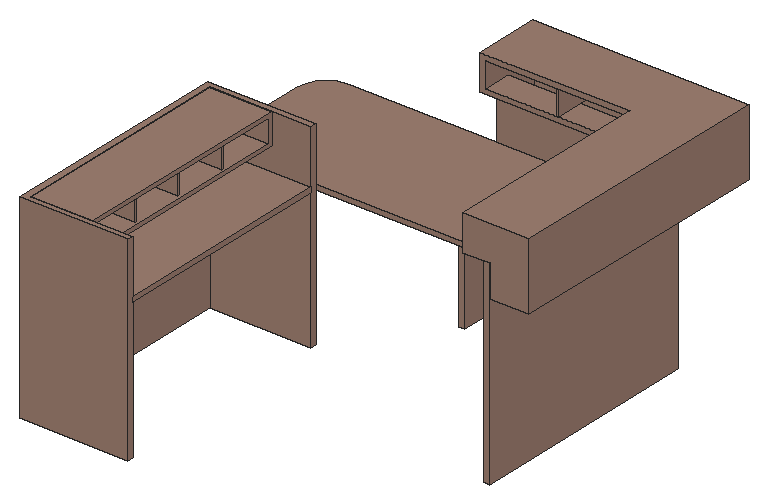
Revit family "T100130", category Furniture, Revit 2018
Family settings
  OmniClass Number = 23.40.20.00
  OmniClass Title = General Furniture and Specialties
  Work Plane-Based = No
  Always vertical = Yes
  Cut with Voids When Loaded = No
  Shared = No
  Room Calculation Point = No
Reference planes (in)
  plane 1 "Center Front/Back": y = 0
  plane 2: z = 0
  plane 3 "Center Left/Right": x = 0
Dimensions and locks (in)
  aligned and locked: level to plane 2
Nested families (in)
  nested 1: "OFS ELEMENT OPEN L DESK TRANSACTION BOX 72in Width 48in Return" at (0, 18, 0), type "ELEMENT OPEN L DESK LEFT WITH TRANSACTION BOX 72in Width 48in Return"
    with Right Desk Overlay Option no, Left Desk Overlay Option yes, Desk Overlay Option yes
Definition of nested family "OFS ELEMENT OPEN L DESK TRANSACTION BOX 72in Width 48in Return"
  Parameters (values of type "ELEMENT OPEN L DESK RIGHT WITH TRANSACTION BOX 72in Width 48in Return")
    Worksurface Material = none
    Worksurface Height = 2' - 5 1/2"
    Width = 6' - 0"
    URL = "http://www.ofsbrands.com/"
    Paper Organizer Material = none
    Table Depth = 1' - 1 1/2"
    Right Return Desk Option = yes
    Right Desk Overlay Option [instance] = and(Right Return Desk Option, Desk Overlay Option)  # yes
    Return Worksurface Width = 1' - 10"
    Paper Organizer Sep = 0' - 0 1/4"
    Paper Organizer Depth = 1' - 0 3/4"
    Paper Organizer Board Thickness = 0' - 0 3/4"
    Paper Organizer Clearance = 0' - 4 5/8"
    Model = "EL-B72RL48C"
    Manufacturer = "OFS"
    Left Return Desk Option = no
    Left Desk Overlay Option [instance] = and(Left Return Desk Option, Desk Overlay Option)  # no
    Lateral Board Thickness = 0' - 1 3/16"
    Height = 3' - 11 3/4"
    Groomet Material = none
    Desk Overlay Thickness = 0' - 0 1/8"
    Desk Overlay Option [instance] = yes
    Desk Overlay Material = none
    Desk Overlay = 0' - 6 1/2"
    Desk Height = 3' - 4 1/2"
    Description = "OFS BRANDS OFS ELEMENT OPEN L DESK RIGHT WITH TRANSACTION BOX,  80\"W x 56\"D DESK WITH OPEN END, 48\"W x 22\"D RETURN"
    Desk Depth = 3' - 2"
    Depth = 7' - 2"
    Copyright © = "© 2018 OFS BRANDS"
    Catalog = "http://ofs.com/products/casegoods/reception/element"
    Box Material = none
    Box L = 3' - 0"
    Box Depth = 0' - 8"
    Box D = 2' - 6"
    Bottom Board Offset = 0' - 0"
    Chassis Material = none
    Base Depth = 2' - 6"
    Back Board Thickness = 0' - 1 3/16"
    Authoring Version = "Autodesk Revit Architecture 2013"
    Assembly Code = "E2020200"
  Types (3): name | Right Return Desk Option | Right Desk Overlay Option | Model | Left Return Desk Option | Left Desk Overlay Option | Description
    (no name) | yes | yes | "EL-B72RL48C" | no | no | "OFS BRANDS OFS ELEMENT OPEN L DESK RIGHT WITH TRANSACTION BOX,  80\"W x 56\"D DESK WITH OPEN END, 48\"W x 22\"D RETURN"
    ELEMENT OPEN L DESK LEFT WITH TRANSACTION BOX 72in Width 48in Return | no | no | "EL-B72LL48C" | yes | yes | "OFS BRANDS OFS ELEMENT OPEN L DESK LEFT WITH TRANSACTION BOX,  80\"W x 56\"D DESK WITH OPEN END, 48\"W x 22\"D RETURN"
    ELEMENT OPEN L DESK RIGHT WITH TRANSACTION BOX 72in Width 48in Return | yes | yes | "EL-B72RL48C" | no | no | "OFS BRANDS OFS ELEMENT OPEN L DESK RIGHT WITH TRANSACTION BOX,  80\"W x 56\"D DESK WITH OPEN END, 48\"W x 22\"D RETURN"
  Reference planes (in)
    plane 1 "Center Front/Back": y = 0
    plane 2: z = 0
    plane 3 "Center Left/Right": x = 0
    plane 4 "Back External": y = 19
    plane 5 "Right External": x = 36
    plane 6 "Front External": y = -19
    plane 7 "Left External": x = -36
    plane 8 "Seat Height": z = 29.5
    plane 9 "Height": z = 47.75
    plane 10: x = 34.8125
    plane 11: x = -34.8125
    plane 12: y = 11
    plane 13: y = 9.8125
    plane 14: y = 5.5
    plane 15: z = 40.5
    plane 16: z = 28.5
    plane 17: z = 46.625
    plane 18: z = 0
    plane 19: x = 29.5
    plane 20: x = -29.5
    plane 21: z = 6.5
    plane 22: z = 34
    plane 23: y = 11.125
    plane 24: y = -67
    plane 25: x = -14
    plane 26: x = 14
    plane 27: y = -65.8125
    plane 28: x = -31
    plane 29: x = 31
    plane 30: x = 0
    plane 31: x = 44
    plane 32: x = -44
    plane 33: x = -30.5
    plane 34: x = 30.5
    plane 35: x = 0
    plane 36: y = -37
    plane 37: y = -35.8125
    plane 38: x = 42.8125
    plane 39: x = -42.8125
    plane 40: x = 1.1875
    plane 41: x = -1.1875
    plane 42: z = 41.625
    plane 43: y = 17.8125
    plane 44: y = -8.27083
    plane 45: y = -22.04167
    plane 46: x = 15.84375
    plane 47: x = -15.84375
    plane 48: y = -20.1875
    plane 49: y = -65.0625
    plane 50: y = -20.9375
    plane 51: x = -22.0625
    plane 52: x = -22.8125
    plane 53: z = 39.75
    plane 54: z = 34.125
    plane 55: z = 34.875
    plane 56: x = 15.96875
    plane 57: x = 15.71875
    plane 58: x = -15.71875
    plane 59: x = -15.96875
    plane 60: y = -31.96875
    plane 61: y = -43
    plane 62: y = -32.09375
    plane 63: y = -31.84375
    plane 64: y = -43.125
    plane 65: y = -42.875
    plane 66: x = 22.0625
    plane 67: x = 22.8125
    plane 68: y = -54.03125
    plane 69: y = -54.15625
    plane 70: y = -53.90625
    plane 71: x = 6.5
    plane 72: x = -6.5
  Forms (in)
    Extrusion 1, solid, material <- "Worksurface Material", visible <- "Left Return Desk Option"
      sketch origin (0, 0, 0) x (1, 0, 0) y (0, 1, 0)
        loop
          arc (-30, 9.8125) -> (-34.24264, 8.05514) -> (-36, 3.8125) r 6
          line (-36, 3.8125) -> (-36, -19) -> (34.8125, -19) -> (34.8125, 9.8125) -> (-30, 9.8125)
      from 28.5 to 29.5
    Extrusion 2, solid, material <- "Box Material", visible <- "Left Return Desk Option"
      sketch origin (0, 0, 0) x (1, 0, 0) y (0, 1, 0)
        loop
          line (0, 9.8125) -> (34.8125, 9.8125) -> (34.8125, -37) -> (36, -37) -> (36, 11) -> (0, 11) -> (0, 9.8125)
      from 0 to 40.5
    Extrusion 3, solid, material <- "Box Material", visible <- "Left Return Desk Option"
      sketch origin (0, 0, 6) x (1, 0, 0) y (0, 1, 0)
        loop
          line (0, 19) -> (0, 5.5) -> (30.5, 5.5) -> (30.5, -37) -> (44, -37) -> (44, 19) -> (0, 19)
      from 40.625 to 41.75
    Extrusion 4, solid, material <- "Desk Overlay Material", visible <- "Right Desk Overlay Option"
      sketch origin (0, 0, 0) x (1, 0, 0) y (0, 0, 1)
        loop
          line (-6.5, 34) -> (-29.5, 34) -> (-29.5, 6.5) -> (-6.5, 6.5) -> (-6.5, 34)
      from -11.125 to -11
    Extrusion 5, solid, material <- "Box Material", visible <- "Left Return Desk Option"
      sketch origin (0, 0, 0) x (1, 0, 0) y (0, 1, 0)
        loop
          line (-36, -19) -> (-36, -67) -> (-14, -67) -> (-14, -65.8125) -> (-34.8125, -65.8125) -> (-34.8125, -19) -> (-36, -19)
      from 0 to 40.5
    Extrusion 6, solid, material <- "Worksurface Material", visible <- "Left Return Desk Option"
      sketch origin (14.83926, -32.43958, 0) x (1, 0, 0) y (0, 1, 0)
        loop
          line (-49.65176, 12.25208) -> (-49.65176, -33.37292) -> (-28.83926, -33.37292) -> (-28.83926, 12.25208) -> (-49.65176, 12.25208)
      from 28.5 to 29.5
    Extrusion 7, solid, material <- "Box Material", visible <- "Right Return Desk Option"
      sketch origin (0, 0, 0) x (-1, 0, 0) y (0, -1, 0)
        loop
          line (-36, 19) -> (-34.8125, 19) -> (-34.8125, 65.8125) -> (-14, 65.8125) -> (-14, 67) -> (-36, 67) -> (-36, 19)
      from 0 to 40.5
    Extrusion 8, solid, material <- "Worksurface Material", visible <- "Right Return Desk Option"
      sketch origin (-14.83926, -32.43958, 0) x (-1, 0, 0) y (0, -1, 0)
        loop
          line (-49.65176, -12.25208) -> (-28.83926, -12.25208) -> (-28.83926, 33.37292) -> (-49.65176, 33.37292) -> (-49.65176, -12.25208)
      from 28.5 to 29.5
    Extrusion 9, solid, material <- "Box Material", visible <- "Right Return Desk Option"
      sketch origin (0, 0, 6) x (-1, 0, 0) y (0, -1, 0)
        loop
          line (0, -19) -> (44, -19) -> (44, 37) -> (30.5, 37) -> (30.5, -5.5) -> (0, -5.5) -> (0, -19)
      from 40.625 to 41.75
    Extrusion 10, solid, material <- "Box Material", visible <- "Right Return Desk Option"
      sketch origin (22, -38, 6) x (-1, 0, 0) y (0, -1, 0)
        loop
          line (22, -49) -> (58, -49) -> (58, -1) -> (52.5, -1) -> (52.5, -43.5) -> (22, -43.5) -> (22, -49)
      from 34.5 to 35.625
    Extrusion 11, solid, material <- "Box Material", visible <- "Left Return Desk Option"
      sketch origin (-22, -38, 6) x (1, 0, 0) y (0, 1, 0)
        loop
          line (22, 49) -> (22, 43.5) -> (52.5, 43.5) -> (52.5, 1) -> (58, 1) -> (58, 49) -> (22, 49)
      from 34.5 to 35.625
    Extrusion 12, solid, material <- "Box Material", visible <- "Left Return Desk Option"
      sketch origin (0, 0, 0) x (1, 0, 0) y (0, 1, 0)
        loop
          line (0, 19) -> (0, 17.8125) -> (42.8125, 17.8125) -> (42.8125, -37) -> (44, -37) -> (44, 19) -> (0, 19)
      from 34 to 47.75
    Extrusion 13, solid, material <- "Box Material", visible <- "Right Return Desk Option"
      sketch origin (0, 0, 0) x (-1, 0, 0) y (0, -1, 0)
        loop
          line (0, -19) -> (44, -19) -> (44, 37) -> (42.8125, 37) -> (42.8125, -17.8125) -> (0, -17.8125) -> (0, -19)
      from 34 to 47.75
    Extrusion 14, solid, material <- "Box Material", visible <- "Right Return Desk Option"
      sketch origin (0, 0, 0) x (1, 0, 0) y (0, 0, 1)
        loop
          line (-42.8125, 46.625) -> (-42.8125, 34) -> (-36, 34) -> (-36, 41.625) -> (-30.5, 41.625) -> (-30.5, 46.625) -> (-42.8125, 46.625)
      from 35.8125 to 37
    Extrusion 15, solid, material <- "Box Material", visible <- "Left Return Desk Option"
      sketch origin (0, 0, 0) x (-1, 0, 0) y (0, 0, -1)
        loop
          line (-42.8125, -46.625) -> (-30.5, -46.625) -> (-30.5, -41.625) -> (-36, -41.625) -> (-36, -34) -> (-42.8125, -34) -> (-42.8125, -46.625)
      from 35.8125 to 37
    Extrusion 16, solid, material <- "Box Material", visible <- "Left Return Desk Option"
      sketch origin (0, 5.66667, 0) x (1, 0, 0) y (0, 1, 0)
        loop
          line (30.5, -13.8125) -> (30.5, -14.0625) -> (42.8125, -14.0625) -> (42.8125, -13.8125) -> (30.5, -13.8125)
      from 41.625 to 46.625
    Extrusion 17, solid, material <- "Box Material", visible <- "Left Return Desk Option"
      sketch origin (0, -6.66667, 0) x (1, 0, 0) y (0, 1, 0)
        loop
          line (30.5, -15.25) -> (30.5, -15.5) -> (42.8125, -15.5) -> (42.8125, -15.25) -> (30.5, -15.25)
      from 41.625 to 46.625
    Extrusion 18, solid, material <- "Box Material", visible <- "Right Return Desk Option"
      sketch origin (0, 5.66667, 0) x (-1, 0, 0) y (0, -1, 0)
        loop
          line (30.5, 13.8125) -> (42.8125, 13.8125) -> (42.8125, 14.0625) -> (30.5, 14.0625) -> (30.5, 13.8125)
      from 41.625 to 46.625
    Extrusion 19, solid, material <- "Box Material", visible <- "Right Return Desk Option"
      sketch origin (0, -6.66667, 0) x (-1, 0, 0) y (0, -1, 0)
        loop
          line (30.5, 15.25) -> (42.8125, 15.25) -> (42.8125, 15.5) -> (30.5, 15.5) -> (30.5, 15.25)
      from 41.625 to 46.625
    Extrusion 20, solid, material <- "Box Material", visible <- "Left Return Desk Option"
      sketch origin (-14.60586, -1.66375, 0) x (1, 0, 0) y (0, 1, 0)
        loop
          line (30.32461, 19.47625) -> (30.32461, 7.16375) -> (30.57461, 7.16375) -> (30.57461, 19.47625) -> (30.32461, 19.47625)
      from 41.625 to 46.625
    Extrusion 21, solid, material <- "Box Material", visible <- "Right Return Desk Option"
      sketch origin (14.60586, -1.66375, 0) x (-1, 0, 0) y (0, -1, 0)
        loop
          line (30.32461, -19.47625) -> (30.57461, -19.47625) -> (30.57461, -7.16375) -> (30.32461, -7.16375) -> (30.32461, -19.47625)
      from 41.625 to 46.625
    Extrusion 22, solid, material <- "Box Material", visible <- "Left Return Desk Option"
      sketch origin (-3.41497, -1.91375, 0) x (-1, 0, 0) y (0, -1, 0)
        loop
          line (-4.60247, -19.72625) -> (-3.41497, -19.72625) -> (-3.41497, -7.41375) -> (-4.60247, -7.41375) -> (-4.60247, -19.72625)
      from 41.625 to 46.625
    Extrusion 23, solid, material <- "Box Material", visible <- "Right Return Desk Option"
      sketch origin (2.66497, -1.91375, 0) x (1, 0, 0) y (0, 1, 0)
        loop
          line (-3.85247, 19.72625) -> (-3.85247, 7.41375) -> (-2.66497, 7.41375) -> (-2.66497, 19.72625) -> (-3.85247, 19.72625)
      from 41.625 to 46.625
    Extrusion 24, solid, material <- "Box Material", visible <- "Left Return Desk Option"
      sketch origin (-3.41497, -1.91375, 0) x (-1, 0, 0) y (0, -1, 0)
        loop
          line (-4.60247, -19.72625) -> (-3.41497, -19.72625) -> (-3.41497, -12.91375) -> (-4.60247, -12.91375) -> (-4.60247, -19.72625)
      from 34 to 41.625
    Extrusion 25, solid, material <- "Box Material", visible <- "Right Return Desk Option"
      sketch origin (38.58503, -1.91375, 0) x (-1, 0, 0) y (0, -1, 0)
        loop
          line (38.58503, -19.72625) -> (39.77253, -19.72625) -> (39.77253, -12.91375) -> (38.58503, -12.91375) -> (38.58503, -19.72625)
      from 34 to 41.625
    Extrusion 26, solid, material <- "Box Material", visible <- "Left Return Desk Option"
      sketch origin (15.51391, 27.98783, 0) x (1, 0, 0) y (0, 1, 0)
        loop
          line (-51.51391, -48.17533) -> (-29.51391, -48.17533) -> (-29.51391, -46.98783) -> (-51.51391, -46.98783) -> (-51.51391, -48.17533)
      from 0 to 40.5
    Extrusion 27, solid, material <- "Box Material", visible <- "Right Return Desk Option"
      sketch origin (-15.51391, 27.98783, 0) x (-1, 0, 0) y (0, -1, 0)
        loop
          line (-51.51391, 48.17533) -> (-51.51391, 46.98783) -> (-29.51391, 46.98783) -> (-29.51391, 48.17533) -> (-51.51391, 48.17533)
      from 0 to 40.5
    Extrusion 28, solid, material <- "Box Material", visible <- "Right Return Desk Option"
      sketch origin (0, 0, 0) x (-1, 0, 0) y (0, -1, 0)
        loop
          line (0, -9.8125) -> (0, -11) -> (36, -11) -> (36, 37) -> (34.8125, 37) -> (34.8125, -9.8125) -> (0, -9.8125)
      from 0 to 40.5
    Extrusion 29, solid, material <- "Paper Organizer Material", visible <- "Left Return Desk Option"
      sketch origin (13.23993, -17.56998, 6) x (-1, 0, 0) y (0, -1, 0)
        loop
          line (35.30243, 2.61752) -> (48.05243, 2.61752) -> (48.05243, 48.24252) -> (35.30243, 48.24252) -> (35.30243, 2.61752)
      from 33.75 to 34.5
    Extrusion 30, solid, material <- "Paper Organizer Material", visible <- "Left Return Desk Option"
      sketch origin (13.23993, -17.56998, 6) x (-1, 0, 0) y (0, -1, 0)
        loop
          line (35.30243, 2.61752) -> (48.05243, 2.61752) -> (48.05243, 48.24252) -> (35.30243, 48.24252) -> (35.30243, 2.61752)
      from 28.125 to 28.875
    Extrusion 31, solid, material <- "Paper Organizer Material", visible <- "Left Return Desk Option"
      sketch origin (15.51391, 25.48783, 0) x (1, 0, 0) y (0, 1, 0)
        loop
          line (-50.32641, -46.42533) -> (-37.57641, -46.42533) -> (-37.57641, -45.67533) -> (-50.32641, -45.67533) -> (-50.32641, -46.42533)
      from 34.125 to 40.5
    Extrusion 32, solid, material <- "Paper Organizer Material", visible <- "Left Return Desk Option"
      sketch origin (15.51391, -78.72726, 0) x (1, 0, 0) y (0, 1, 0)
        loop
          line (-50.32641, 13.66476) -> (-50.32641, 12.91476) -> (-37.57641, 12.91476) -> (-37.57641, 13.66476) -> (-50.32641, 13.66476)
      from 34.125 to 40.5
    Extrusion 33, solid, material <- "Paper Organizer Material", visible <- "Left Return Desk Option"
      sketch origin (14.05948, -19.6973, 0) x (-1, 0, 0) y (0, -1, 0)
        loop
          line (36.87198, 12.14645) -> (48.87198, 12.14645) -> (48.87198, 12.39645) -> (36.87198, 12.39645) -> (36.87198, 12.14645)
      from 34.875 to 39.75
    Extrusion 34, solid, material <- "Paper Organizer Material", visible <- "Left Return Desk Option"
      sketch origin (16.30148, -31.23142, 0) x (-1, 0, 0) y (0, -1, 0)
        loop
          line (39.11398, 11.64358) -> (51.11398, 11.64358) -> (51.11398, 11.89358) -> (39.11398, 11.89358) -> (39.11398, 11.64358)
      from 34.875 to 39.75
    Extrusion 35, solid, material <- "Paper Organizer Material", visible <- "Right Return Desk Option"
      sketch origin (-14.05948, -19.6973, 0) x (1, 0, 0) y (0, 1, 0)
        loop
          line (36.87198, -12.14645) -> (36.87198, -12.39645) -> (48.87198, -12.39645) -> (48.87198, -12.14645) -> (36.87198, -12.14645)
      from 34.875 to 39.75
    Extrusion 36, solid, material <- "Paper Organizer Material", visible <- "Right Return Desk Option"
      sketch origin (-16.30148, -31.23142, 0) x (1, 0, 0) y (0, 1, 0)
        loop
          line (39.11398, -11.64358) -> (39.11398, -11.89358) -> (51.11398, -11.89358) -> (51.11398, -11.64358) -> (39.11398, -11.64358)
      from 34.875 to 39.75
    Extrusion 37, solid, material <- "Paper Organizer Material", visible <- "Right Return Desk Option"
      sketch origin (-13.23993, -17.56998, 6) x (1, 0, 0) y (0, 1, 0)
        loop
          line (35.30243, -2.61752) -> (35.30243, -48.24252) -> (48.05243, -48.24252) -> (48.05243, -2.61752) -> (35.30243, -2.61752)
      from 33.75 to 34.5
    Extrusion 38, solid, material <- "Paper Organizer Material", visible <- "Right Return Desk Option"
      sketch origin (-13.23993, -17.56998, 6) x (1, 0, 0) y (0, 1, 0)
        loop
          line (35.30243, -2.61752) -> (35.30243, -48.24252) -> (48.05243, -48.24252) -> (48.05243, -2.61752) -> (35.30243, -2.61752)
      from 28.125 to 28.875
    Extrusion 39, solid, material <- "Paper Organizer Material", visible <- "Right Return Desk Option"
      sketch origin (-15.51391, 25.48783, 0) x (-1, 0, 0) y (0, -1, 0)
        loop
          line (-50.32641, 46.42533) -> (-50.32641, 45.67533) -> (-37.57641, 45.67533) -> (-37.57641, 46.42533) -> (-50.32641, 46.42533)
      from 34.125 to 40.5
    Extrusion 40, solid, material <- "Paper Organizer Material", visible <- "Right Return Desk Option"
      sketch origin (-15.51391, -78.72726, 0) x (-1, 0, 0) y (0, -1, 0)
        loop
          line (-50.32641, -13.66476) -> (-37.57641, -13.66476) -> (-37.57641, -12.91476) -> (-50.32641, -12.91476) -> (-50.32641, -13.66476)
      from 34.125 to 40.5
    Extrusion 41, solid, material <- "Paper Organizer Material", visible <- "Left Return Desk Option"
      sketch origin (16.85954, -39.21194, 0) x (-1, 0, 0) y (0, -1, 0)
        loop
          line (39.67204, 14.69431) -> (51.67204, 14.69431) -> (51.67204, 14.94431) -> (39.67204, 14.94431) -> (39.67204, 14.69431)
      from 34.875 to 39.75
    Extrusion 42, solid, material <- "Paper Organizer Material", visible <- "Right Return Desk Option"
      sketch origin (-13.83676, -35.8669, 0) x (1, 0, 0) y (0, 1, 0)
        loop
          line (36.64926, -18.03935) -> (36.64926, -18.28935) -> (48.64926, -18.28935) -> (48.64926, -18.03935) -> (36.64926, -18.03935)
      from 34.875 to 39.75
    Extrusion 43, solid, material <- "Worksurface Material", visible <- "Right Return Desk Option"
      sketch origin (0, 0, 0) x (-1, 0, 0) y (0, -1, 0)
        loop
          line (-30, -9.8125) -> (34.8125, -9.8125) -> (34.8125, 19) -> (-36, 19) -> (-36, -3.8125)
          arc (-36, -3.8125) -> (-34.24264, -8.05514) -> (-30, -9.8125) r 6
      from 28.5 to 29.5
    Extrusion 44, solid, material <- "Box Material", visible <- "Left Return Desk Option"
      sketch origin (-3.41497, -1.91375, 0) x (-1, 0, 0) y (0, -1, 0)
        loop
          line (-4.60247, -11.72625) -> (-3.41497, -11.72625) -> (-3.41497, -1.91375) -> (-4.60247, -1.91375) -> (-4.60247, -11.72625)
      from 0 to 28.5
    Extrusion 45, solid, material <- "Box Material", visible <- "Right Return Desk Option"
      sketch origin (3.41497, -1.91375, 0) x (1, 0, 0) y (0, 1, 0)
        loop
          line (-4.60247, 11.72625) -> (-4.60247, 1.91375) -> (-3.41497, 1.91375) -> (-3.41497, 11.72625) -> (-4.60247, 11.72625)
      from 0 to 28.5
    Extrusion 46, solid, material <- "Desk Overlay Material", visible <- "Left Desk Overlay Option"
      sketch origin (0, 0, 0) x (-1, 0, 0) y (0, 0, -1)
        loop
          line (-6.5, -34) -> (-6.5, -6.5) -> (-29.5, -6.5) -> (-29.5, -34) -> (-6.5, -34)
      from -11.125 to -11
  Cuts and joins
    joined: Extrusion 9, Extrusion 10, Extrusion 13, Extrusion 14, Extrusion 23, Extrusion 25
    joined: Extrusion 3, Extrusion 11, Extrusion 12, Extrusion 15, Extrusion 22, Extrusion 24
    joined: Extrusion 5, Extrusion 26
    joined: Extrusion 7, Extrusion 27
    joined: Extrusion 29, Extrusion 30, Extrusion 31, Extrusion 32
    joined: Extrusion 37, Extrusion 38, Extrusion 39, Extrusion 40
  Dimensions and locks (in)
    equal spacing: plane 7 "Left External", plane 3 "Center Left/Right", plane 5 "Right External"
    "Width": plane 7 "Left External" to plane 5 "Right External"
    equal spacing: plane 6 "Front External", plane 1 "Center Front/Back", plane 4 "Back External"
    "Desk Depth": plane 4 "Back External" to plane 6 "Front External"
    "Worksurface Height": plane 8 "Seat Height" to level
    "Height": plane 9 "Height" to level
    "Lateral Board Thickness": plane 7 "Left External" to plane 11
    "Lateral Board Thickness": plane 10 to plane 5 "Right External"
    "Base Depth": plane 12 to plane 6 "Front External"
    "Back Board Thickness": plane 12 to plane 13
    "Table Depth": plane 4 "Back External" to plane 14
    "Desk Height": plane 15 to level
    "Bottom Board Offset": plane 18 to level
    "Desk Overlay": plane 5 "Right External" to plane 19
    "Desk Overlay": plane 20 to plane 7 "Left External"
    plane 20 to plane 19 = 4' - 11"
    "Desk Overlay": plane 22 to plane 15
    "Desk Overlay": plane 18 to plane 21
    "Desk Overlay Thickness": plane 23 to plane 12
    "Depth": plane 4 "Back External" to plane 24
    "Return Worksurface Width": plane 7 "Left External" to plane 25
    "Return Worksurface Width": plane 26 to plane 5 "Right External"
    "Back Board Thickness": plane 27 to plane 24
    locked: plane 7 "Left External" to plane 28 at 5
    locked: plane 29 to plane 5 "Right External" at 5
    locked: plane 9 "Height" to plane 17 at 1.125
    locked: plane 8 "Seat Height" to plane 16 at 1
    "Box Depth": plane 5 "Right External" to plane 31
    "Box Depth": plane 7 "Left External" to plane 32
    "Table Depth": plane 32 to plane 33
    "Table Depth": plane 31 to plane 34
    "Box L": plane 7 "Left External" to plane 30
    "Box L": plane 5 "Right External" to plane 35
    "Box D": plane 36 to plane 24
    "Back Board Thickness": plane 37 to plane 36
    "Back Board Thickness": plane 38 to plane 31
    "Back Board Thickness": plane 39 to plane 32
    "Back Board Thickness": plane 30 to plane 40
    "Back Board Thickness": plane 41 to plane 35
    locked: plane 42 to plane 15 at 1.125
    "Back Board Thickness": plane 4 "Back External" to plane 43
    equal spacing: plane 14, plane 44, plane 45, plane 37
    equal spacing: plane 40, plane 46, plane 34
    equal spacing: plane 41, plane 47, plane 33
    "Back Board Thickness": plane 6 "Front External" to plane 48
    "Paper Organizer Board Thickness": plane 49 to plane 27
    "Paper Organizer Board Thickness": plane 48 to plane 50
    "Paper Organizer Depth": plane 11 to plane 51
    "Paper Organizer Board Thickness": plane 52 to plane 51
    "Paper Organizer Board Thickness": plane 15 to plane 53
    "Paper Organizer Clearance": plane 54 to plane 8 "Seat Height"
    "Paper Organizer Board Thickness": plane 55 to plane 54
    equal spacing: plane 57, plane 46, plane 56
    "Paper Organizer Sep": plane 57 to plane 56
    equal spacing: plane 59, plane 47, plane 58
    "Paper Organizer Sep": plane 59 to plane 58
    equal spacing: plane 50, plane 60, plane 61, plane 68, plane 49
    equal spacing: plane 63, plane 60, plane 62
    "Paper Organizer Sep": plane 62 to plane 63
    equal spacing: plane 65, plane 61, plane 64
    "Paper Organizer Sep": plane 64 to plane 65
    "Paper Organizer Board Thickness": plane 67 to plane 66
    "Paper Organizer Depth": plane 66 to plane 10
    equal spacing: plane 70, plane 68, plane 69
    "Paper Organizer Sep": plane 69 to plane 70
    "Desk Overlay": plane 30 to plane 71
    "Desk Overlay": plane 72 to plane 35
    aligned and locked: level to plane 2
    aligned and locked: Extrusion 1 sketch curve to plane 13
    aligned and locked: plane 6 "Front External" to Extrusion 1 sketch curve
    aligned and locked: Extrusion 1 sketch curve to plane 10
    aligned and locked: plane 12 to Extrusion 2 sketch curve
    aligned and locked: plane 5 "Right External" to Extrusion 2 sketch curve
    aligned and locked: Extrusion 2 sketch curve to plane 13
    aligned and locked: Extrusion 3 to plane 14
    aligned and locked: Extrusion 3 to plane 4 "Back External"
    aligned and locked: Extrusion 3 to plane 9 "Height"
    aligned and locked: Extrusion 3 to plane 17
    aligned and locked: plane 22 to Extrusion 4 sketch curve
    aligned and locked: Extrusion 4 sketch curve to plane 21
    aligned and locked: Extrusion 4 sketch curve to plane 20
    aligned and locked: Extrusion 5 sketch curve to plane 27
    aligned and locked: plane 25 to Extrusion 5 sketch curve
    aligned and locked: plane 24 to Extrusion 5 sketch curve
    aligned and locked: Extrusion 5 sketch curve to plane 6 "Front External"
    aligned and locked: plane 11 to Extrusion 6
    aligned and locked: Extrusion 6 to plane 25
    aligned and locked: Extrusion 6 to plane 27
    aligned and locked: Extrusion 8 to plane 26
    aligned and locked: plane 10 to Extrusion 8
    aligned and locked: Extrusion 8 to plane 27
    aligned and locked: plane 6 "Front External" to Extrusion 7
    aligned and locked: Extrusion 7 to plane 10
    aligned and locked: plane 5 "Right External" to Extrusion 7
    aligned and locked: plane 27 to Extrusion 7
    aligned and locked: Extrusion 7 to plane 24
    aligned and locked: Extrusion 5 to plane 18
    aligned and locked: Extrusion 7 to plane 18
    aligned and locked: plane 15 to Extrusion 7
    aligned and locked: plane 15 to Extrusion 5
    aligned and locked: plane 31 to Extrusion 3 sketch curve
    aligned and locked: plane 34 to Extrusion 3 sketch curve
    aligned and locked: plane 36 to Extrusion 3 sketch curve
    aligned and locked: Extrusion 3 sketch curve to plane 30
    aligned and locked: plane 9 "Height" to Extrusion 9
    aligned and locked: Extrusion 9 to plane 17
    aligned and locked: Extrusion 6 to plane 16
    aligned and locked: plane 8 "Seat Height" to Extrusion 6
    aligned and locked: Extrusion 8 to plane 16
    aligned and locked: plane 8 "Seat Height" to Extrusion 8
    aligned and locked: Extrusion 10 to plane 7 "Left External"
    aligned and locked: Extrusion 10 to plane 33
    aligned and locked: Extrusion 10 to plane 14
    aligned and locked: Extrusion 10 to plane 35
    aligned and locked: Extrusion 10 to plane 36
    aligned and locked: Extrusion 10 to plane 15
    aligned and locked: plane 42 to Extrusion 10
    aligned and locked: Extrusion 11 to plane 15
    aligned and locked: plane 42 to Extrusion 11
    aligned and locked: plane 36 to Extrusion 12 sketch curve
    aligned and locked: plane 31 to Extrusion 12 sketch curve
    aligned and locked: Extrusion 12 sketch curve to plane 38
    aligned and locked: plane 9 "Height" to Extrusion 13
    aligned and locked: Extrusion 13 to plane 35
    aligned and locked: Extrusion 12 to plane 30
    aligned and locked: plane 39 to Extrusion 14 sketch curve
    aligned and locked: Extrusion 14 sketch curve to plane 17
    aligned and locked: plane 42 to Extrusion 14 sketch curve
    aligned and locked: Extrusion 14 sketch curve to plane 7 "Left External"
    aligned and locked: Extrusion 14 to plane 33
    aligned and locked: plane 37 to Extrusion 14
    aligned and locked: Extrusion 14 to plane 36
    aligned and locked: Extrusion 15 to plane 36
    aligned and locked: plane 37 to Extrusion 15
    aligned and locked: Extrusion 12 to plane 9 "Height"
    aligned and locked: plane 22 to Extrusion 15
    aligned and locked: Extrusion 12 to plane 22
    aligned and locked: Extrusion 14 to plane 22
    aligned and locked: Extrusion 13 to plane 22
    aligned and locked: Extrusion 16 to plane 34
    aligned and locked: Extrusion 17 to plane 34
    aligned and locked: Extrusion 17 to plane 17
    aligned and locked: Extrusion 16 to plane 17
    aligned and locked: Extrusion 17 to plane 42
    aligned and locked: Extrusion 16 to plane 42
    aligned and locked: Extrusion 17 to plane 38
    aligned and locked: Extrusion 16 to plane 38
    aligned and locked: Extrusion 9 to plane 36
    aligned and locked: Extrusion 13 to plane 36
    aligned and locked: Extrusion 11 to plane 36
    aligned and locked: plane 5 "Right External" to Extrusion 11
    aligned and locked: Extrusion 11 to plane 30
    aligned and locked: Extrusion 9 to plane 35
    aligned and locked: Extrusion 13 to plane 43
    aligned and locked: Extrusion 12 to plane 43
    aligned and locked: plane 17 to Extrusion 19
    aligned and locked: plane 17 to Extrusion 18
    aligned and locked: Extrusion 19 to plane 42
    aligned and locked: Extrusion 18 to plane 42
    aligned and locked: Extrusion 19 to plane 39
    aligned and locked: Extrusion 19 to plane 33
    aligned and locked: Extrusion 18 to plane 39
    aligned and locked: Extrusion 18 to plane 33
    aligned and locked: plane 12 to Extrusion 11
    aligned and locked: plane 12 to Extrusion 10
    aligned and locked: Extrusion 21 to plane 14
    aligned and locked: Extrusion 20 to plane 14
    aligned and locked: plane 43 to Extrusion 20
    aligned and locked: plane 43 to Extrusion 21
    aligned and locked: plane 17 to Extrusion 20
    aligned and locked: plane 17 to Extrusion 21
    aligned and locked: Extrusion 20 to plane 42
    aligned and locked: Extrusion 21 to plane 42
    aligned and locked: Extrusion 22 to plane 30
    aligned and locked: plane 40 to Extrusion 22
    aligned and locked: Extrusion 23 to plane 35
    aligned and locked: plane 41 to Extrusion 23
    aligned and locked: plane 43 to Extrusion 22
    aligned and locked: plane 43 to Extrusion 23
    aligned and locked: Extrusion 22 to plane 14
    aligned and locked: Extrusion 23 to plane 14
    aligned and locked: plane 17 to Extrusion 22
    aligned and locked: plane 17 to Extrusion 23
    aligned and locked: Extrusion 22 to plane 42
    aligned and locked: Extrusion 23 to plane 42
    aligned and locked: Extrusion 24 to plane 22
    aligned and locked: Extrusion 24 to plane 12
    aligned and locked: plane 43 to Extrusion 24
    aligned and locked: Extrusion 24 to plane 30
    aligned and locked: plane 42 to Extrusion 24
    aligned and locked: Extrusion 25 to plane 35
    aligned and locked: plane 41 to Extrusion 25
    aligned and locked: plane 42 to Extrusion 25
    aligned and locked: Extrusion 25 to plane 22
    aligned and locked: plane 43 to Extrusion 25
    aligned and locked: Extrusion 25 to plane 12
    aligned and locked: plane 48 to Extrusion 6
    aligned and locked: plane 48 to Extrusion 8
    aligned and locked: Extrusion 26 sketch curve to plane 6 "Front External"
    aligned and locked: plane 48 to Extrusion 26 sketch curve
    aligned and locked: plane 7 "Left External" to Extrusion 26 sketch curve
    aligned and locked: Extrusion 26 sketch curve to plane 25
    aligned and locked: plane 30 to Extrusion 2 sketch curve
    aligned and locked: Extrusion 2 to plane 36
    aligned and locked: Extrusion 28 to plane 36
    aligned and locked: plane 11 to Extrusion 29 sketch curve
    aligned and locked: Extrusion 29 sketch curve to plane 27
    aligned and locked: Extrusion 29 sketch curve to plane 51
    aligned and locked: plane 48 to Extrusion 29 sketch curve
    aligned and locked: Extrusion 29 to plane 53
    aligned and locked: plane 15 to Extrusion 29
    aligned and locked: plane 55 to Extrusion 30
    aligned and locked: Extrusion 30 to plane 54
    aligned and locked: plane 48 to Extrusion 31
    aligned and locked: Extrusion 31 to plane 50
    aligned and locked: Extrusion 31 to plane 51
    aligned and locked: Extrusion 32 to plane 51
    aligned and locked: Extrusion 32 to plane 27
    aligned and locked: plane 49 to Extrusion 32
    aligned and locked: Extrusion 32 to plane 54
    aligned and locked: Extrusion 31 to plane 54
    aligned and locked: plane 15 to Extrusion 32
    aligned and locked: plane 15 to Extrusion 31
    aligned and locked: plane 11 to Extrusion 32
    aligned and locked: plane 11 to Extrusion 31
    aligned and locked: Extrusion 20 to plane 56
    aligned and locked: plane 57 to Extrusion 20
    aligned and locked: Extrusion 21 to plane 58
    aligned and locked: Extrusion 21 to plane 59
    aligned and locked: plane 11 to Extrusion 33
    aligned and locked: Extrusion 33 to plane 52
    aligned and locked: Extrusion 33 to plane 62
    aligned and locked: Extrusion 33 to plane 63
    aligned and locked: plane 53 to Extrusion 33
    aligned and locked: plane 11 to Extrusion 34
    aligned and locked: Extrusion 34 to plane 52
    aligned and locked: Extrusion 34 to plane 64
    aligned and locked: Extrusion 34 to plane 65
    aligned and locked: plane 11 to Extrusion 41
    aligned and locked: Extrusion 41 to plane 52
    aligned and locked: Extrusion 41 to plane 69
    aligned and locked: Extrusion 41 to plane 70
    aligned and locked: Extrusion 42 to plane 69
    aligned and locked: Extrusion 42 to plane 70
    aligned and locked: Extrusion 42 to plane 67
    aligned and locked: plane 10 to Extrusion 42
    aligned and locked: Extrusion 1 to plane 7 "Left External"
    aligned and locked: plane 40 to Extrusion 44
    aligned and locked: Extrusion 44 to plane 30
    aligned and locked: plane 1 "Center Front/Back" to Extrusion 44
    aligned and locked: plane 13 to Extrusion 44
    aligned and locked: Extrusion 45 to plane 35
    aligned and locked: plane 41 to Extrusion 45
    aligned and locked: plane 1 "Center Front/Back" to Extrusion 45
    aligned and locked: plane 13 to Extrusion 45
    aligned and locked: plane 16 to Extrusion 44
    aligned and locked: plane 16 to Extrusion 45
    aligned and locked: Extrusion 44 to plane 18
    aligned and locked: Extrusion 45 to plane 18
    aligned and locked: Extrusion 4 to plane 72
    aligned and locked: Extrusion 46 to plane 71
    aligned and locked: Extrusion 46 to plane 19
  Automatic sketch dimensions
    Extrusion 1 sketch curve to plane 7 "Left External" = 0' - 0"
    Extrusion 1 sketch curve to plane 14 = 0' - 1 11/16"
    Extrusion 2 sketch curve to plane 10 = 0' - 0"
    Extrusion 2 sketch curve to plane 36 = 0' - 0"
    Extrusion 3 sketch curve to plane 14 = 0' - 0"
    plane 4 "Back External" to Extrusion 3 sketch curve = 0' - 0"
    plane 72 to Extrusion 4 sketch curve = 0' - 0"
    Extrusion 5 sketch curve to plane 7 "Left External" = 0' - 0"
    Extrusion 5 sketch curve to plane 11 = 0' - 0"
    Extrusion 6 sketch curve to plane 11 = 0' - 0"
    Extrusion 6 sketch curve to plane 25 = 0' - 0"
    Extrusion 6 sketch curve to plane 27 = 0' - 0"
    Extrusion 6 sketch curve to plane 48 = 0' - 0"
    Extrusion 7 sketch curve to plane 5 "Right External" = 0' - 0"
    Extrusion 7 sketch curve to plane 10 = 0' - 0"
    Extrusion 7 sketch curve to plane 26 = 0' - 0"
    Extrusion 7 sketch curve to plane 24 = 0' - 0"
    Extrusion 7 sketch curve to plane 27 = 0' - 0"
    Extrusion 7 sketch curve to plane 6 "Front External" = 0' - 0"
    Extrusion 8 sketch curve to plane 10 = 0' - 0"
    Extrusion 8 sketch curve to plane 26 = 0' - 0"
    Extrusion 8 sketch curve to plane 27 = 0' - 0"
    Extrusion 8 sketch curve to plane 48 = 0' - 0"
    Extrusion 9 sketch curve to plane 3 "Center Left/Right" = 0' - 0"
    Extrusion 9 sketch curve to plane 33 = 0' - 0"
    Extrusion 9 sketch curve to plane 32 = 0' - 0"
    Extrusion 9 sketch curve to plane 4 "Back External" = 0' - 0"
    Extrusion 9 sketch curve to plane 14 = 0' - 0"
    Extrusion 9 sketch curve to plane 36 = 0' - 0"
    Extrusion 10 sketch curve to plane 3 "Center Left/Right" = 0' - 0"
    Extrusion 10 sketch curve to plane 33 = 0' - 0"
    Extrusion 10 sketch curve to plane 7 "Left External" = 0' - 0"
    Extrusion 10 sketch curve to plane 12 = 0' - 0"
    Extrusion 10 sketch curve to plane 14 = 0' - 0"
    Extrusion 10 sketch curve to plane 36 = 0' - 0"
    Extrusion 11 sketch curve to plane 3 "Center Left/Right" = 0' - 0"
    Extrusion 11 sketch curve to plane 34 = 0' - 0"
    Extrusion 11 sketch curve to plane 5 "Right External" = 0' - 0"
    Extrusion 11 sketch curve to plane 36 = 0' - 0"
    Extrusion 11 sketch curve to plane 14 = 0' - 0"
    Extrusion 11 sketch curve to plane 12 = 0' - 0"
    Extrusion 12 sketch curve to plane 3 "Center Left/Right" = 0' - 0"
    plane 43 to Extrusion 12 sketch curve = 0' - 0"
    plane 4 "Back External" to Extrusion 12 sketch curve = 0' - 0"
    Extrusion 13 sketch curve to plane 3 "Center Left/Right" = 0' - 0"
    Extrusion 13 sketch curve to plane 36 = 0' - 0"
    Extrusion 13 sketch curve to plane 39 = 0' - 0"
    Extrusion 13 sketch curve to plane 4 "Back External" = 0' - 0"
    Extrusion 13 sketch curve to plane 32 = 0' - 0"
    Extrusion 13 sketch curve to plane 43 = 0' - 0"
    plane 33 to Extrusion 14 sketch curve = 0' - 0"
    Extrusion 14 sketch curve to plane 22 = 0' - 0"
    Extrusion 15 sketch curve to plane 17 = 0' - 0"
    plane 38 to Extrusion 15 sketch curve = 0' - 0"
    Extrusion 15 sketch curve to plane 5 "Right External" = 0' - 0"
    Extrusion 15 sketch curve to plane 34 = 0' - 0"
    Extrusion 15 sketch curve to plane 22 = 0' - 0"
    Extrusion 15 sketch curve to plane 42 = 0' - 0"
    Extrusion 16 sketch curve to plane 34 = 0' - 0"
    Extrusion 16 sketch curve to plane 38 = 0' - 0"
    Extrusion 16 sketch curve to plane 44 = 0' - 0 1/8"
    plane 44 to Extrusion 16 sketch curve = 0' - 0 1/8"
    Extrusion 17 sketch curve to plane 34 = 0' - 0"
    Extrusion 17 sketch curve to plane 38 = 0' - 0"
    Extrusion 17 sketch curve to plane 45 = 0' - 0 1/8"
    plane 45 to Extrusion 17 sketch curve = 0' - 0 1/8"
    Extrusion 18 sketch curve to plane 33 = 0' - 0"
    Extrusion 18 sketch curve to plane 39 = 0' - 0"
    plane 44 to Extrusion 18 sketch curve = 0' - 0 1/8"
    Extrusion 18 sketch curve to plane 44 = 0' - 0 1/8"
    Extrusion 19 sketch curve to plane 33 = 0' - 0"
    Extrusion 19 sketch curve to plane 39 = 0' - 0"
    plane 45 to Extrusion 19 sketch curve = 0' - 0 1/8"
    Extrusion 19 sketch curve to plane 45 = 0' - 0 1/8"
    Extrusion 20 sketch curve to plane 14 = 0' - 0"
    Extrusion 20 sketch curve to plane 57 = 0' - 0"
    Extrusion 20 sketch curve to plane 56 = 0' - 0"
    Extrusion 20 sketch curve to plane 43 = 0' - 0"
    Extrusion 21 sketch curve to plane 14 = 0' - 0"
    Extrusion 21 sketch curve to plane 58 = 0' - 0"
    Extrusion 21 sketch curve to plane 59 = 0' - 0"
    Extrusion 21 sketch curve to plane 43 = 0' - 0"
    Extrusion 22 sketch curve to plane 14 = 0' - 0"
    Extrusion 22 sketch curve to plane 40 = 0' - 0"
    Extrusion 22 sketch curve to plane 3 "Center Left/Right" = 0' - 0"
    Extrusion 22 sketch curve to plane 43 = 0' - 0"
    Extrusion 23 sketch curve to plane 14 = 0' - 0"
    Extrusion 23 sketch curve to plane 41 = 0' - 0"
    Extrusion 23 sketch curve to plane 3 "Center Left/Right" = 0' - 0"
    Extrusion 23 sketch curve to plane 43 = 0' - 0"
    Extrusion 24 sketch curve to plane 12 = 0' - 0"
    Extrusion 24 sketch curve to plane 40 = 0' - 0"
    Extrusion 24 sketch curve to plane 3 "Center Left/Right" = 0' - 0"
    Extrusion 24 sketch curve to plane 43 = 0' - 0"
    Extrusion 25 sketch curve to plane 3 "Center Left/Right" = 0' - 0"
    Extrusion 25 sketch curve to plane 12 = 0' - 0"
    Extrusion 25 sketch curve to plane 41 = 0' - 0"
    Extrusion 25 sketch curve to plane 43 = 0' - 0"
    Extrusion 27 sketch curve to plane 5 "Right External" = 0' - 0"
    Extrusion 27 sketch curve to plane 26 = 0' - 0"
    Extrusion 27 sketch curve to plane 48 = 0' - 0"
    Extrusion 27 sketch curve to plane 6 "Front External" = 0' - 0"
    Extrusion 28 sketch curve to plane 3 "Center Left/Right" = 0' - 0"
    Extrusion 28 sketch curve to plane 11 = 0' - 0"
    Extrusion 28 sketch curve to plane 7 "Left External" = 0' - 0"
    Extrusion 28 sketch curve to plane 36 = 0' - 0"
    Extrusion 28 sketch curve to plane 13 = 0' - 0"
    Extrusion 28 sketch curve to plane 12 = 0' - 0"
    Extrusion 30 sketch curve to plane 27 = 0' - 0"
    Extrusion 30 sketch curve to plane 51 = 0' - 0"
    Extrusion 30 sketch curve to plane 11 = 0' - 0"
    Extrusion 30 sketch curve to plane 48 = 0' - 0"
    Extrusion 31 sketch curve to plane 11 = 0' - 0"
    Extrusion 31 sketch curve to plane 50 = 0' - 0"
    Extrusion 31 sketch curve to plane 51 = 0' - 0"
    Extrusion 31 sketch curve to plane 48 = 0' - 0"
    Extrusion 32 sketch curve to plane 11 = 0' - 0"
    Extrusion 32 sketch curve to plane 49 = 0' - 0"
    Extrusion 32 sketch curve to plane 51 = 0' - 0"
    Extrusion 32 sketch curve to plane 27 = 0' - 0"
    Extrusion 33 sketch curve to plane 52 = 0' - 0"
    Extrusion 33 sketch curve to plane 11 = 0' - 0"
    Extrusion 33 sketch curve to plane 62 = 0' - 0"
    plane 63 to Extrusion 33 sketch curve = 0' - 0"
    Extrusion 34 sketch curve to plane 52 = 0' - 0"
    Extrusion 34 sketch curve to plane 11 = 0' - 0"
    Extrusion 34 sketch curve to plane 64 = 0' - 0"
    plane 65 to Extrusion 34 sketch curve = 0' - 0"
    Extrusion 35 sketch curve to plane 62 = 0' - 0"
    Extrusion 35 sketch curve to plane 67 = 0' - 0"
    Extrusion 35 sketch curve to plane 10 = 0' - 0"
    plane 63 to Extrusion 35 sketch curve = 0' - 0"
    Extrusion 36 sketch curve to plane 64 = 0' - 0"
    Extrusion 36 sketch curve to plane 67 = 0' - 0"
    Extrusion 36 sketch curve to plane 10 = 0' - 0"
    plane 65 to Extrusion 36 sketch curve = 0' - 0"
    Extrusion 37 sketch curve to plane 27 = 0' - 0"
    Extrusion 37 sketch curve to plane 66 = 0' - 0"
    Extrusion 37 sketch curve to plane 10 = 0' - 0"
    Extrusion 37 sketch curve to plane 48 = 0' - 0"
    Extrusion 38 sketch curve to plane 27 = 0' - 0"
    Extrusion 38 sketch curve to plane 66 = 0' - 0"
    Extrusion 38 sketch curve to plane 10 = 0' - 0"
    Extrusion 38 sketch curve to plane 48 = 0' - 0"
    Extrusion 39 sketch curve to plane 10 = 0' - 0"
    Extrusion 39 sketch curve to plane 50 = 0' - 0"
    Extrusion 39 sketch curve to plane 66 = 0' - 0"
    Extrusion 39 sketch curve to plane 48 = 0' - 0"
    Extrusion 40 sketch curve to plane 10 = 0' - 0"
    Extrusion 40 sketch curve to plane 49 = 0' - 0"
    Extrusion 40 sketch curve to plane 66 = 0' - 0"
    Extrusion 40 sketch curve to plane 27 = 0' - 0"
    Extrusion 41 sketch curve to plane 52 = 0' - 0"
    Extrusion 41 sketch curve to plane 11 = 0' - 0"
    Extrusion 41 sketch curve to plane 69 = 0' - 0"
    plane 70 to Extrusion 41 sketch curve = 0' - 0"
    Extrusion 42 sketch curve to plane 67 = 0' - 0"
    Extrusion 42 sketch curve to plane 10 = 0' - 0"
    Extrusion 42 sketch curve to plane 69 = 0' - 0"
    plane 70 to Extrusion 42 sketch curve = 0' - 0"
    Extrusion 43 sketch curve to plane 5 "Right External" = 0' - 0"
    Extrusion 43 sketch curve to plane 13 = 0' - 0"
    Extrusion 43 sketch curve to plane 11 = 0' - 0"
    Extrusion 43 sketch curve to plane 6 "Front External" = 0' - 0"
    plane 19 to Extrusion 43 sketch curve = 0' - 0 1/2"
    plane 1 "Center Front/Back" to Extrusion 44 sketch curve = 0' - 0"
    Extrusion 44 sketch curve to plane 40 = 0' - 0"
    Extrusion 44 sketch curve to plane 3 "Center Left/Right" = 0' - 0"
    Extrusion 44 sketch curve to plane 13 = 0' - 0"
    plane 1 "Center Front/Back" to Extrusion 45 sketch curve = 0' - 0"
    Extrusion 45 sketch curve to plane 41 = 0' - 0"
    Extrusion 45 sketch curve to plane 3 "Center Left/Right" = 0' - 0"
    Extrusion 45 sketch curve to plane 13 = 0' - 0"
    Extrusion 46 sketch curve to plane 19 = 0' - 0"
    Extrusion 46 sketch curve to plane 21 = 0' - 0"
    Extrusion 46 sketch curve to plane 71 = 0' - 0"
    Extrusion 46 sketch curve to plane 22 = 0' - 0"
